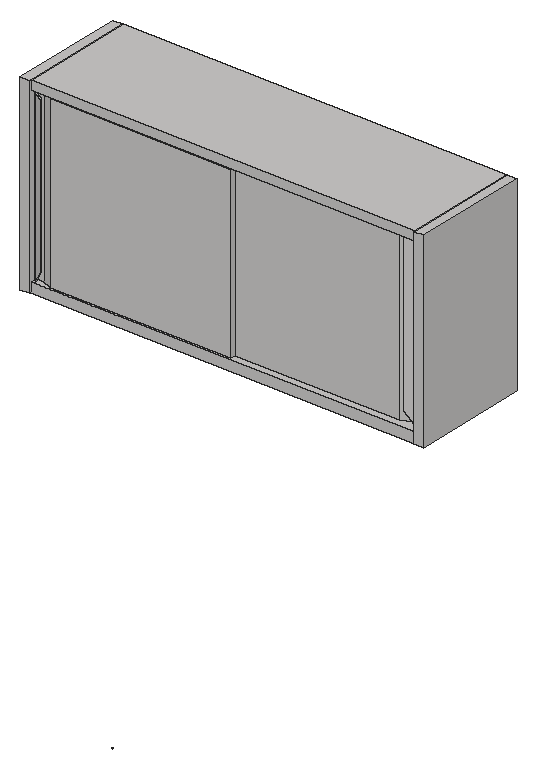
Revit family "QF_ELECTROLUXPROFESSIONAL_121884_TAPC14", category Attrezzature speciali, Revit 2020
Family settings
  Quota connettore circolare = Usa diametro
  Tipo di parte = Normale
  Basato su piano di lavoro = No
  Sempre verticale = Sì
  Taglio con vuoti quando caricato = No
  Condiviso = No
  Punto di calcolo locali = No
Parameters (values of type "Standard")
  Weight = 58.00 kg
  Watts = 0 W
  Volts = 0 V
  URL Manufacturer = "https://www.electroluxprofessional.com/"
  URL = "https://www.electroluxprofessional.com/"
  Steam Supply Size = 0 mm
  Steam Supply Minimum Pressure = 0.0 Pa
  Steam Supply Maximum Pressure = 0.0 Pa
  Steam Consumption per Hour = 0
  Refrigeration Suction Line Size = 0.0 mm
  Refrigeration Liquid Line Size = 0.0 mm
  Refrigerant Compressor Remote = yes
  Prospetto di default = 0.0 mm
  Phase = 0
  Modello = "TAPC14"
  Produttore = "Electrolux Professional"
  Length Actual = 1400.0 mm  # constant formula
  Item Number = "121884"
  Hot Water Size = 0 mm
  Height Actual = 660.0 mm  # constant formula
  HP = "0 HP"
  Gas Size = 0 mm
  Gas KW = 0
  Gas Input Pressure = 0 W
  Direct Waste Size = 0 mm
  Descrizione = "WALL CUPBOARD WITH SLIDING DOORS 1400MM"
  Depth Actual = 400.0 mm  # constant formula
  Cycle = 0 Hz
  Condensate Return Size = 0 mm
  Compressed Air Volume = 0.0 L/s
  Compressed Air Size = 0 mm
  Compressed Air Pressure = 0.0 Pa
  Cold Water Size = 0 mm
  Accessory = yes
Reference planes
  plane 1 "Center (Front/Back)": y = 0
  plane 2: z = 0
  plane 3 "Center (Left/Right)": x = -300
  plane 4 "LEFT": x = -1000
  plane 5 "RIGHT": x = 400
  plane 6 "BACK": y = 200
  plane 7 "FRONT": y = -200
  plane 8 "Base": z = 2260
  plane 9 "BASE": z = 1600
  plane 10: x = -966
  plane 11: x = 366
  plane 12: y = -197
  plane 13: y = 170
Forms (mm)
  Extrusion 1, solid, material "QF_Finishes_Stainless Steel"
    sketch origin (0, 0, 1600) x (-1, 0, 0) y (0, -1, 0)
      loop
        line (1000, -200) -> (1000, 200) -> (966, 200) -> (966, -200) -> (1000, -200)
      loop
        line (-366, -200) -> (-366, 200) -> (-400, 200) -> (-400, -200) -> (-366, -200)
    from 0 to 660
  Extrusion 2, solid, material "QF_Finishes_Stainless Steel"
    sketch origin (0, 0, 1600) x (-1, 0, 0) y (0, -1, 0)
      loop
        line (966, -170) -> (966, 197) -> (-366, 197) -> (-366, -170) -> (966, -170)
    from 0 to 35
  Extrusion 3, solid, material "QF_Finishes_Stainless Steel"
    sketch origin (0, 0, 0) x (1, 0, 0) y (0, 1, 0)
      loop
        line (-966, -197) -> (366, -197) -> (366, 200) -> (-966, 200) -> (-966, -197)
    from 2230 to 2260
  Extrusion 4, solid, material "QF_Finishes_Stainless Steel"
    sketch origin (0, 0, 1600) x (-1, 0, 0) y (0, -1, 0)
      loop
        line (966, -200) -> (966, -170) -> (-366, -170) -> (-366, -200) -> (966, -200)
    from 630 to 0
  Extrusion 5, solid, material "QF_Finishes_Stainless Steel"
    sketch origin (0, 0, 0) x (1, 0, 0) y (0, 1, 0)
      loop
        line (-326.5, -177) -> (298, -177) -> (333, -162) -> (363, -162) -> (363, -157) -> (-326.5, -157) -> (-326.5, -177)
    from 1640 to 2225
  Extrusion 6, solid, material "QF_Finishes_Stainless Steel"
    sketch origin (0, 0, 0) x (1, 0, 0) y (0, 1, 0)
      loop
        line (321, -191) -> (349, -176) -> (363, -162) -> (360.172, -162) -> (347.795, -174.377) -> (320.056, -189.237) -> (321, -191)
    from 1640 to 2225
  Extrusion 7, void
    sketch origin (-381.5, -202.5, -15) x (1, 0, 0) y (0, 0, -1)
      loop
        line (697, -1655) -> (697, -1706.75) -> (731.5, -1655) -> (697, -1655)
      loop
        line (701.556, -2240) -> (711.556, -2240)
        arc (711.556, -2240) -> (704.484, -2237.071) -> (701.556, -2230) r 10
        line (701.556, -2230) -> (701.556, -2240)
    from 5.5 to 29.918
  Extrusion 8, solid, material "QF_Finishes_Stainless Steel"
    sketch origin (0, 0, 0) x (1, 0, 0) y (0, 1, 0)
      loop
        line (-273.481, -197) -> (-273.481, -177) -> (-963, -177) -> (-963, -182) -> (-933, -182) -> (-898, -197) -> (-273.481, -197)
    from 1640 to 2225
  Extrusion 9, solid, material "QF_Finishes_Stainless Steel"
    sketch origin (0, 0, 0) x (1, 0, 0) y (0, 1, 0)
      loop
        line (-921, -211) -> (-920.056, -209.237) -> (-947.795, -194.377) -> (-960.172, -182) -> (-963, -182) -> (-949, -196) -> (-921, -211)
    from 1640 to 2225
  Extrusion 10, void
    sketch origin (-218.5, -202.5, -15) x (-1, 0, 0) y (0, 0, 1)
      loop
        line (697, 1655) -> (731.5, 1655) -> (697, 1706.75) -> (697, 1655)
      loop
        line (701.556, 2240) -> (701.556, 2230)
        arc (701.556, 2230) -> (704.484, 2237.071) -> (711.556, 2240) r 10
        line (711.556, 2240) -> (701.556, 2240)
    from -13.118 to 9.689
  Extrusion 11, solid, material "QF_Finishes_Stainless Steel"
    sketch origin (0, 0, 0) x (1, 0, 0) y (0, 1, 0)
      loop
        line (-1000, 200) -> (-1000, 199) -> (-999, 199) -> (-999, 200) -> (-1000, 200)
    from 0 to 1
Cuts and joins
  Extrusion 7 cuts Extrusion 6
  Extrusion 10 cuts Extrusion 9
Lines and regions (mm)
  symbolic lines, style "SpecialityEquipment"
    curve 1: line (400, 200, 2300) -> (-1000, 200, 2300)
    curve 2: line (400, -200, 2300) -> (400, 200, 2300)
    curve 3: line (-1000, -204.5, 1600) -> (-1000, 200, 1600)
    curve 4: line (-1000, -200, 1600) -> (-968, -200, 1600)
    curve 5: line (368, -200, 1600) -> (400, -200, 1600)
    curve 7: line (368, -197, 1600) -> (-968, -197, 1600)
    curve 12: line (-947.133, -197, 1600) -> (-920.985, -211.008, 1600)
    curve 13: line (-920.985, -211.008, 1600) -> (-920.038, -209.239, 1600)
    curve 14: line (-942.884, -197, 1600) -> (-920.038, -209.239, 1600)
  symbolic lines, style "SpecialityEquipmentHiddenLines"
    curve 6: line (368, -200, 1600) -> (368, -197, 1600)
    curve 8: line (-968, -197, 1600) -> (-968, -200, 1600)
    curve 9: line (366, -157, 200) -> (-326.5, -157, 200)
    curve 10: line (-326.5, -157, 200) -> (-326.5, -177, 200)
    curve 11: line (299, -177, 200) -> (-963, -177, 200)
    curve 15: line (-273.5, -177, 200) -> (-273.5, -197, 200)
    curve 16: line (298, -177, 1600) -> (333, -162, 1600)
    curve 17: line (333, -162, 1600) -> (363, -162, 1600)
    curve 18: line (363, -162, 1600) -> (363, -157, 1600)
    curve 19: line (320.958, -191.023, 1600) -> (348.999, -176.001, 1600)
    curve 20: line (348.999, -176.001, 1600) -> (363, -162, 1600)
    curve 21: line (360.172, -162, 1600) -> (347.795, -174.377, 1600)
    curve 22: line (347.795, -174.377, 1600) -> (319.992, -189.271, 1600)
    curve 23: line (319.992, -189.271, 1600) -> (320.958, -191.023, 1600)
    curve 24: line (-963, -177, 1600) -> (-963, -182, 1600)
    curve 25: line (-963, -182, 1600) -> (-949, -196, 1600)
    curve 26: line (-949, -196, 1600) -> (-947.133, -197, 1600)
    curve 27: line (-942.884, -197, 1600) -> (-947.955, -194.283, 1600)
    curve 28: line (-947.955, -194.283, 1600) -> (-960.239, -182, 1600)
    curve 29: line (-898, -197, 1600) -> (-933, -182, 1600)
    curve 30: line (-933, -182, 1600) -> (-963, -182, 1600)
  symbolic lines
    curve 31: line (-1000, 200, 1600) -> (400, -200, 1600)
    curve 32: line (400, 200, 1600) -> (-1000, -200, 1600)
Dimensions and locks
  plane 4 "LEFT" to plane 5 "RIGHT" = 1400.0 mm
  equal spacing: plane 4 "LEFT", plane 3 "Center (Left/Right)", plane 5 "RIGHT"
  plane 6 "BACK" to plane 7 "FRONT" = 400.0 mm
  equal spacing: plane 6 "BACK", plane 1 "Center (Front/Back)", plane 7 "FRONT"
  plane 9 "BASE" to level = 1600.0 mm
  locked: plane 4 "LEFT" to plane 10 at 34
  locked: plane 11 to plane 5 "RIGHT" at 34
  plane 12 to plane 7 "FRONT" = 3.0 mm
  plane 6 "BACK" to plane 13 = 30.0 mm
  locked: plane 8 "Base" to plane 9 "BASE" at 660
  aligned and locked: level to plane 2
  aligned and locked: plane 8 "Base" to Extrusion 1
  aligned and locked: plane 6 "BACK" to Extrusion 1 sketch curve
  aligned and locked: Extrusion 1 sketch curve to plane 6 "BACK"
  aligned and locked: plane 7 "FRONT" to Extrusion 1 sketch curve
  aligned and locked: Extrusion 1 sketch curve to plane 7 "FRONT"
  aligned and locked: plane 10 to Extrusion 1
  aligned and locked: Extrusion 1 to plane 11
  aligned and locked: Extrusion 2 to plane 10
  aligned and locked: plane 11 to Extrusion 2
  aligned and locked: plane 8 "Base" to Extrusion 3
  aligned and locked: Extrusion 2 to plane 12
  aligned and locked: Extrusion 2 to plane 13
  aligned and locked: Extrusion 3 to plane 12
  aligned and locked: plane 10 to Extrusion 4 sketch curve
  aligned and locked: Extrusion 4 sketch curve to plane 11
  aligned and locked: Extrusion 4 sketch curve to plane 6 "BACK"
  aligned and locked: Extrusion 4 sketch curve to plane 13
  aligned and locked: Extrusion 4 to Extrusion 3
  aligned and locked: Extrusion 4 to plane 9 "BASE"
  aligned and locked: plane 6 "BACK" to Extrusion 3
Automatic sketch dimensions
  curve 2 to plane 5 "RIGHT" = 0.0 mm
  curve 2 to plane 7 "FRONT" = 0.0 mm
  curve 1 to plane 4 "LEFT" = 0.0 mm
  curve 1 to plane 6 "BACK" = 0.0 mm
  Extrusion 1 sketch curve to plane 5 "RIGHT" = 0.0 mm
  Extrusion 1 sketch curve to plane 11 = 0.0 mm
  Extrusion 1 sketch curve to plane 10 = 0.0 mm
  Extrusion 1 sketch curve to plane 4 "LEFT" = 0.0 mm
  Extrusion 2 sketch curve to plane 11 = 0.0 mm
  Extrusion 2 sketch curve to plane 10 = 0.0 mm
  plane 13 to Extrusion 2 sketch curve = 0.0 mm
  Extrusion 2 sketch curve to plane 12 = 0.0 mm
  Extrusion 3 sketch curve to plane 6 "BACK" = 0.0 mm
  Extrusion 3 sketch curve to plane 10 = 0.0 mm
  Extrusion 3 sketch curve to plane 11 = 0.0 mm
  Extrusion 3 sketch curve to plane 12 = 0.0 mm
  Extrusion 7 sketch curve to plane 11 = 50.5 mm
  Extrusion 7 sketch curve to plane 11 = 45.944 mm
  Extrusion 7 sketch curve to Extrusion 7 sketch curve = 10.0 mm
  Extrusion 7 sketch curve to plane 11 = 16.0 mm
  Extrusion 7 sketch curve to plane 8 "Base" = 35.0 mm
  plane 9 "BASE" to Extrusion 7 sketch curve = 91.75 mm
  plane 9 "BASE" to Extrusion 7 sketch curve = 40.0 mm
  plane 10 to Extrusion 10 sketch curve = 50.5 mm
  plane 10 to Extrusion 10 sketch curve = 45.944 mm
  Extrusion 10 sketch curve to Extrusion 10 sketch curve = 10.0 mm
  plane 10 to Extrusion 10 sketch curve = 16.0 mm
  plane 9 "BASE" to Extrusion 10 sketch curve = 40.0 mm
  Extrusion 10 sketch curve to Extrusion 10 sketch curve = 51.75 mm
  Extrusion 10 sketch curve to plane 8 "Base" = 45.0 mm
  Extrusion 5 sketch curve to plane 3 "Center (Left/Right)" = 26.5 mm
  plane 12 to Extrusion 5 sketch curve = 20.0 mm
  Extrusion 5 sketch curve to plane 11 = 68.0 mm
  Extrusion 5 sketch curve to plane 11 = 33.0 mm
  Extrusion 5 sketch curve to plane 11 = 3.0 mm
  plane 12 to Extrusion 5 sketch curve = 35.0 mm
  Extrusion 5 sketch curve to Extrusion 5 sketch curve = 5.0 mm
  plane 12 to Extrusion 6 sketch curve = 7.763 mm
  Extrusion 6 sketch curve to plane 11 = 45.944 mm
  plane 12 to Extrusion 6 sketch curve = 6.0 mm
  Extrusion 6 sketch curve to Extrusion 6 sketch curve = 0.944 mm
  Extrusion 6 sketch curve to plane 11 = 18.205 mm
  Extrusion 6 sketch curve to Extrusion 6 sketch curve = 1.205 mm
  Extrusion 6 sketch curve to plane 11 = 5.828 mm
  Extrusion 6 sketch curve to Extrusion 6 sketch curve = 2.828 mm
  Extrusion 6 sketch curve to Extrusion 6 sketch curve = 12.377 mm
  Extrusion 8 sketch curve to plane 12 = 0.0 mm
  plane 10 to Extrusion 8 sketch curve = 3.0 mm
  plane 12 to Extrusion 8 sketch curve = 15.0 mm
  Extrusion 8 sketch curve to Extrusion 8 sketch curve = 30.0 mm
  Extrusion 8 sketch curve to Extrusion 8 sketch curve = 35.0 mm
  plane 3 "Center (Left/Right)" to Extrusion 8 sketch curve = 26.519 mm
  Extrusion 8 sketch curve to Extrusion 8 sketch curve = 5.0 mm
  plane 10 to Extrusion 9 sketch curve = 3.0 mm
  Extrusion 9 sketch curve to Extrusion 9 sketch curve = 2.828 mm
  plane 12 to Extrusion 9 sketch curve = 1.0 mm
  plane 10 to Extrusion 9 sketch curve = 17.0 mm
  plane 12 to Extrusion 9 sketch curve = 2.623 mm
  Extrusion 9 sketch curve to Extrusion 9 sketch curve = 1.205 mm
  Extrusion 9 sketch curve to plane 7 "FRONT" = 11.0 mm
  Extrusion 9 sketch curve to Extrusion 9 sketch curve = 26.795 mm
  plane 12 to Extrusion 9 sketch curve = 15.0 mm
  curve 9 to plane 11 = 0.0 mm
  curve 15 to plane 12 = 0.0 mm
  curve 10 to plane 3 "Center (Left/Right)" = 26.5 mm
  plane 12 to curve 10 = 40.0 mm
  plane 12 to curve 11 = 20.0 mm
  curve 11 to plane 11 = 67.0 mm
  plane 3 "Center (Left/Right)" to curve 15 = 26.5 mm
  plane 10 to curve 11 = 3.0 mm
  curve 31 to plane 5 "RIGHT" = 0.0 mm
  curve 32 to plane 5 "RIGHT" = 0.0 mm
  curve 5 to plane 7 "FRONT" = 0.0 mm
  curve 6 to plane 12 = 0.0 mm
  curve 4 to plane 7 "FRONT" = 0.0 mm
  curve 32 to plane 4 "LEFT" = 0.0 mm
  curve 3 to plane 6 "BACK" = 0.0 mm
  curve 32 to plane 6 "BACK" = 0.0 mm
  plane 11 to curve 5 = 2.0 mm
  curve 18 to plane 11 = 3.0 mm
  curve 19 to plane 11 = 17.001 mm
  curve 19 to curve 21 = 1.204 mm
  curve 21 to curve 17 = 14.795 mm
  plane 12 to curve 23 = 5.977 mm
  curve 16 to curve 23 = 12.042 mm
  plane 12 to curve 23 = 7.729 mm
  curve 19 to curve 23 = 0.966 mm
  curve 14 to plane 7 "FRONT" = 9.239 mm
  plane 10 to curve 14 = 45.962 mm
  curve 12 to plane 7 "FRONT" = 11.008 mm
  curve 13 to curve 12 = 0.948 mm
  plane 12 to curve 29 = 15.0 mm
  curve 29 to curve 14 = 9.884 mm
  plane 12 to curve 27 = 2.717 mm
  curve 12 to curve 27 = 0.822 mm
  plane 12 to curve 25 = 1.0 mm
  curve 27 to curve 25 = 1.045 mm
  plane 10 to curve 30 = 3.0 mm
  curve 4 to plane 10 = 2.0 mm
  plane 12 to curve 20 = 35.0 mm
  curve 21 to curve 22 = 12.377 mm
  curve 21 to curve 20 = 1.624 mm
  curve 17 to curve 21 = 2.828 mm
  plane 12 to curve 16 = 20.0 mm
  curve 22 to curve 16 = 21.992 mm
  curve 29 to curve 13 = 22.038 mm
  curve 27 to curve 14 = 0.0 mm
  curve 26 to curve 12 = 0.0 mm
  curve 28 to curve 24 = 2.761 mm
  curve 18 to curve 17 = 5.0 mm
  curve 24 to curve 24 = 5.0 mm
  curve 3 to plane 7 "FRONT" = 4.5 mm
  Extrusion 11 sketch curve to plane 4 "LEFT" = 0.0 mm
  Extrusion 11 sketch curve to plane 6 "BACK" = 0.0 mm
  plane 4 "LEFT" to Extrusion 11 sketch curve = 1.0 mm
  Extrusion 11 sketch curve to Extrusion 11 sketch curve = 1.0 mm
